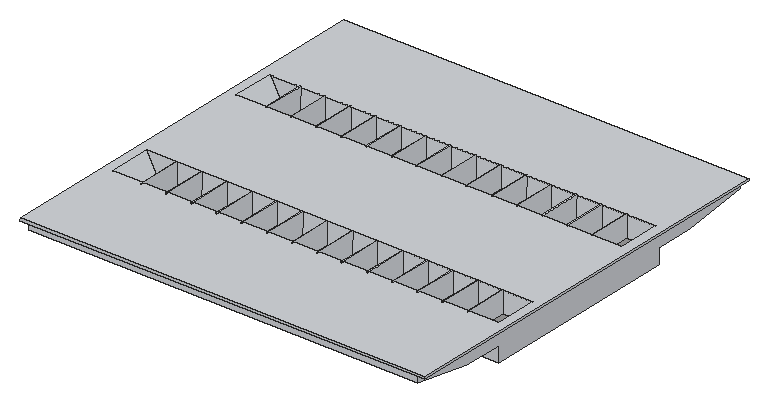
Revit family "0052582 Sylvania Lighting Fixture RANA NEO 3300LM REC 600x600 830 CC EM 2L WHITE", category Lighting Fixtures, host Face, Revit 2016
Family settings
  Host = Face
  Part Type = Normal
  Round Connector Dimension = Use Diameter
  OmniClass Number = 23.80.70.00
  OmniClass Title = Lighting
  Cut with Voids When Loaded = No
  Light Source = Yes
  Shared = No
  Room Calculation Point = No
Parameters (values of type "0052582 RANA NEO 3300LM R 600 830 CC EM 2L WHT")
  fin7 = 37 mm
  fin3 = 332 mm
  fin2 [instance] = 368 mm
  fin 6 = 110 mm
  fin 5 = 185 mm
  fin 4 = 258 mm
  fin 3 [instance] = 318 mm
  fin 2 = 407 mm
  fin 1 = 480 mm
  Width_SYL = if([600x600_SYL], 595 mm, if([625x625_SYL], 620 mm, if([1200_SYL], 296 mm, 306 mm)))  # 595 mm
  Weight = "n/a"
  Wattage Comments = ""
  Wattage = 28 W
  WarrantyStartDate [instance] = "n/a"
  WarrantyGuarantorParts = "n/a"
  WarrantyDurationUnit = "n/a"
  WarrantyDurationParts = ""
  WarrantyDescription = "http://www.sylvania-lighting.com"
  built-in parameter 1150110 = 1 (stored number, unit not read)
  Voltage = 0 V
  URL = "0.97"
  TypeName = "RANA NEO 3300LM REC 600x600 830 CC EM 2L WHITE"
  Type Image = <None>
  Type Comments = "n/a"
  built-in parameter 1114217 = 1 (stored number, unit not read)
  TopWidth_SYL = if([600x600_SYL], 295 mm, if([625x625_SYL], 295 mm, if([1200_SYL], 165 mm, 165 mm)))  # 295 mm
  Tilt Angle = -90.00°
  built-in parameter 1150109 = 1 (stored number, unit not read)
  built-in parameter 1150134 = (empty or 0)
  built-in parameter 1150113 = 1 (stored number, unit not read)
  SlopeTopWidth_SYL = if([600x600_SYL], 410 mm, if([625x625_SYL], 410 mm, if([1200_SYL], 168 mm, 168 mm)))  # 410 mm
  SlopeBottomWidth_SYL = if([600x600_SYL], 593 mm, if([625x625_SYL], 593 mm, if([1200_SYL], 244 mm, 244 mm)))  # 593 mm
  SlopeHeight_SYL = if([600x600_SYL], 17 mm, if([625x625_SYL], 17 mm, if([1200_SYL], 40 mm, 40 mm)))  # 17 mm
  SerialNumber [instance] = "n/a"
  ReflectorNumber_SYL = if([1Ref_SYL], 2, if([2Ref_SYL], 2, 3))  # 2
  ReflectorLength_SYL = Length_SYL - Inset_SYL * 2 - 5 mm  # 550 mm
  ReflectorInset_SYL = if([1Ref_SYL], 82.4 mm, if([2Ref_SYL], 30 mm, 30 mm))  # 30 mm
  Photometric Web File = "0052582.ies"
  Material_3_SYL = none
  PowerFactor = 0.95
  PowerConsumption = "Lighting"
  NominalLength = 595 mm
  NominalHeight = 60 mm
  NominalDepth = 595 mm
  Name = "RANA NEO 3300LM REC 600x600 830 CC EM 2L WHITE"
  ModelReference = Name  # "RANA NEO 3300LM REC 600x600 830 CC EM 2L WHITE"
  ModelNumber = "0052582"
  Model = Name  # "RANA NEO 3300LM REC 600x600 830 CC EM 2L WHITE"
  Material = "Feilo Sylvania"
  ManufacturerName = "104 lm/W"
  Manufacturer = ""
  LuminousEfficacy = ""
  built-in parameter 1150105 = 222.82 (stored number, unit not read)
  Lumens = 2800 lm
  LuminaireType = "0"
  built-in parameter 1150115 = 1 (stored number, unit not read)
  LouverNumber_SYL = if([600x600_SYL], 14, if([625x625_SYL], 14, if([1200_SYL], 28, 28)))  # 14
  LightOutputRatio = "LED"
  built-in parameter 1150137 = (empty or 0)
  built-in parameter 1150139 = (empty or 0)
  Length_SYL = if([600x600_SYL], 595 mm, if([625x625_SYL], 620 mm, if([1200_SYL], 1196 mm, 1246 mm)))  # 595 mm
  LampsType = Lamp  # "n/a"
  LampNominalLuminous = "3000 K"
  LampMacAdamStep = "80"
  LampColourTemperature = "LED"
  LampColourRenderingIndex = "16500"
  built-in parameter 1150112 = 1 (stored number, unit not read)
  built-in parameter 1150114 = 1 (stored number, unit not read)
  Lamp = "n/a"
  LED position [instance] = 410 mm
  LED inside width = 165 mm
  LED inner void = 521.5 mm
  LED Width = 290 mm
  LED Length = 568 mm
  Keynote = "n/a"
  InstallationDate [instance] = "n/a"
  Inset_SYL = 20 mm  # constant formula
  InputVoltage = "0"
  InputNominalFrequency = "3000"
  built-in parameter 1150132 = (empty or 0)
  built-in parameter 1150102 = (empty or 0)
  built-in parameter 1150107 = 3000 (stored number, unit not read)
  built-in parameter 1150138 = (empty or 0)
  IngressProtection = "IfcLightFixtureType"
  ImpactProtectionIndex = "IfcLightFixtureType"
  built-in parameter 1150106 = 2.2282 (stored number, unit not read)
  IfcExportType = "IfcLightFixtureType"
  IfcExportAs = "Class I"
  Height = 52 mm
  Emit from Rectangle Width = if([1Ref_SYL], 48 mm, TopWidth_SYL - 13 mm)  # 282 mm
  Emit from Rectangle Length = ReflectorLength_SYL - 8 mm  # 542 mm
  Emit Shape Visible in Rendering = no
  ElectricShockClassification = "104"
  built-in parameter 1150104 = 9.2903 (stored number, unit not read)
  DocumentationLiterature = "http://www.sylvania-lighting.com/product/en-int/products/0052582"
  DimmingControlOptions = "n/a"
  Material_2_SYL = none
  Dimming Lamp Color Temperature Shift = <None>
  Description = "-"
  Default Elevation = 1219.2 mm
  CreatedOn = "25/11/2019"
  CreatedBy = "@sylvania-lighting.com"
  Cost = 0
  Color Filter = 16777215
  built-in parameter 1114216 [instance] = (empty or 0)
  ClassificationValue = "EF_70_80"
  ClassificationName = "Uniclass2015"
  Material_1_SYL = none
  BarCode [instance] = "n/a"
  built-in parameter 1114218 = 1 (stored number, unit not read)
  built-in parameter 1150133 = 10 (stored number, unit not read)
  AssetType = "Fixed"
  AssetIdentifier [instance] = "n/a"
  Assembly Code = "D5020200"
  Apparent Load = 32 VA
  Material_4_SYL = none
  625x625_SYL = no
  600x600_SYL = yes
  2Ref_SYL = yes
  1Ref_SYL = no
  1200_SYL = no
Reference planes
  plane 1 "Center (Front/Back)": y = 0
  plane 2: z = 0
  plane 3 "Center (Left/Right)": x = 0
  plane 4: x = 297.5
  plane 5: x = -297.5
  plane 6: y = 297.5
  plane 7: y = -297.5
  plane 8: z = -120
  plane 9: z = -3
  plane 10: z = -12
  plane 11: z = -29
  plane 12: z = -52
  plane 13: y = -296.5
  plane 14: y = 296.5
  plane 15: y = 145
  plane 16: y = -145
  plane 17: y = 82.5
  plane 18: y = -82.5
  plane 19: x = -284
  plane 20: x = 284
  plane 21: y = 141
  plane 22: y = 86.5
  plane 23: x = -264
  plane 24: x = 257.5
  plane 25: x = -286
  plane 26: x = 286
  plane 27: y = -86.5
  plane 28: y = -141
  plane 29: x = 18.5
  plane 30: x = -18.5
  plane 31: x = 55
  plane 32: x = -55
  plane 33: x = 92.5
  plane 34: x = -92.5
  plane 35: x = 129
  plane 36: x = -129
  plane 37: x = 166
  plane 38: x = -166
  plane 39: x = -203.5
  plane 40: x = 203.5
  plane 41: x = -240
  plane 42: x = 240
  plane 43: x = 169.5
  plane 44: x = 162.5
  plane 45: x = 166.5
  plane 46: x = 165.5
Forms (mm)
  Extrusion 1, void
    sketch origin (0, 0, 0) x (1, 0, 0) y (0, 1, 0)
      loop
        line (-297.5, 297.5) -> (-297.5, -297.5) -> (297.5, -297.5) -> (297.5, 297.5) -> (-297.5, 297.5)
    from -120 to 0
  Extrusion 2, solid, detail levels medium+fine
    sketch origin (0, 0, 0) x (0, 1, 0) y (0, 0, 1)
      loop
        line (-296.5, 0) -> (-296.5, -12) -> (-205, -29) -> (-147.5, -29) -> (-147.5, -52) -> (147.5, -52) -> (147.5, -29) -> (205, -29) -> (296.5, -17.514) -> (296.5, 0) -> (-296.5, 0)
    from -286 to 286
  Extrusion 3, solid, detail levels medium+fine
    sketch origin (275, 1524, 1219.2) x (0, 1, 0) y (0, 0, 1)
      loop
        line (-1226.5, -1222.2) -> (-1226.5, -1219.2) -> (-1820.5, -1219.2) -> (-1820.5, -1222.2) -> (-1226.5, -1222.2)
    from 11 to 22.5
  Extrusion 4, solid, detail levels medium+fine
    sketch origin (-275, 1524, 1219.2) x (0, 1, 0) y (0, 0, 1)
      loop
        line (-1820.5, -1222.2) -> (-1227.5, -1222.2) -> (-1227.5, -1219.2) -> (-1820.5, -1219.2) -> (-1820.5, -1222.2)
    from -11 to -22.5
  Extrusion 5, solid, detail levels medium+fine
    sketch origin (0, 0, 0) x (0, 1, 0) y (0, 0, 1)
      loop
        line (-297.5, 0) -> (-297.5, -3) -> (-296.5, -3) -> (-296.5, 0) -> (-297.5, 0)
      loop
        line (297.5, -3) -> (297.5, 0) -> (296.5, 0) -> (296.5, -3) -> (297.5, -3)
    from -297.5 to 297.5
  Blend 6, void
    base sketch origin (0, 0, 0) x (1, 0, 0) y (0, 1, 0)
      loop
        line (-284, 145) -> (-284, 82.5) -> (284, 82.5) -> (284, 145) -> (-284, 145)
    top sketch origin (0, 0, 0) x (1, 0, 0) y (0, 1, 0)
      loop
        line (-264, 141) -> (-264, 86.5) -> (257.5, 86.5) -> (257.5, 141) -> (-264, 141)
    from 0 to -29
  Blend 7, void
    base sketch origin (0, 0, 0) x (1, 0, 0) y (0, 1, 0)
      loop
        line (-284, -82.5) -> (-284, -145) -> (284, -145) -> (284, -82.5) -> (-284, -82.5)
    top sketch origin (0, 0, 0) x (1, 0, 0) y (0, 1, 0)
      loop
        line (257.5, -86.5) -> (-264, -86.5) -> (-264, -141) -> (257.5, -141) -> (257.5, -86.5)
    from 0 to -29
  Extrusion 8, solid, detail levels fine
    sketch origin (0, 0, 0) x (1, 0, 0) y (0, 0, 1)
      loop
        line (162.5, -29) -> (169.5, -29) -> (166.5, 0) -> (165.5, 0) -> (162.5, -29)
    from -145 to -82.5
  Extrusion 9, solid, detail levels fine
    sketch origin (37.5, 0, 0) x (1, 0, 0) y (0, 0, 1)
      loop
        line (162.5, -29) -> (169.5, -29) -> (166.5, 0) -> (165.5, 0) -> (162.5, -29)
    from -145 to -82.5
  Extrusion 10, solid, detail levels fine
    sketch origin (74, 0, 0) x (1, 0, 0) y (0, 0, 1)
      loop
        line (162.5, -29) -> (169.5, -29) -> (166.5, 0) -> (165.5, 0) -> (162.5, -29)
    from -145 to -82.5
  Extrusion 11, solid, detail levels fine
    sketch origin (-37, 0, 0) x (1, 0, 0) y (0, 0, 1)
      loop
        line (162.5, -29) -> (169.5, -29) -> (166.5, 0) -> (165.5, 0) -> (162.5, -29)
    from -145 to -82.5
  Extrusion 12, solid, detail levels fine
    sketch origin (-73.5, 0, 0) x (1, 0, 0) y (0, 0, 1)
      loop
        line (162.5, -29) -> (169.5, -29) -> (166.5, 0) -> (165.5, 0) -> (162.5, -29)
    from -145 to -82.5
  Extrusion 13, solid, detail levels fine
    sketch origin (-111, 0, 0) x (1, 0, 0) y (0, 0, 1)
      loop
        line (162.5, -29) -> (169.5, -29) -> (166.5, 0) -> (165.5, 0) -> (162.5, -29)
    from -145 to -82.5
  Extrusion 14, solid, detail levels fine
    sketch origin (-147.5, 0, 0) x (1, 0, 0) y (0, 0, 1)
      loop
        line (162.5, -29) -> (169.5, -29) -> (166.5, 0) -> (165.5, 0) -> (162.5, -29)
    from -145 to -82.5
  Extrusion 15, solid, detail levels fine
    sketch origin (-184.5, 0, 0) x (1, 0, 0) y (0, 0, 1)
      loop
        line (162.5, -29) -> (169.5, -29) -> (166.5, 0) -> (165.5, 0) -> (162.5, -29)
    from -145 to -82.5
  Extrusion 16, solid, detail levels fine
    sketch origin (-221, 0, 0) x (1, 0, 0) y (0, 0, 1)
      loop
        line (162.5, -29) -> (169.5, -29) -> (166.5, 0) -> (165.5, 0) -> (162.5, -29)
    from -145 to -82.5
  Extrusion 17, solid, detail levels fine
    sketch origin (-258.5, 0, 0) x (1, 0, 0) y (0, 0, 1)
      loop
        line (162.5, -29) -> (169.5, -29) -> (166.5, 0) -> (165.5, 0) -> (162.5, -29)
    from -145 to -82.5
  Extrusion 18, solid, detail levels fine
    sketch origin (-295, 0, 0) x (1, 0, 0) y (0, 0, 1)
      loop
        line (162.5, -29) -> (169.5, -29) -> (166.5, 0) -> (165.5, 0) -> (162.5, -29)
    from -145 to -82.5
  Extrusion 19, solid, detail levels fine
    sketch origin (-332, 0, 0) x (1, 0, 0) y (0, 0, 1)
      loop
        line (162.5, -29) -> (169.5, -29) -> (166.5, 0) -> (165.5, 0) -> (162.5, -29)
    from -145 to -82.5
  Extrusion 20, solid, detail levels fine
    sketch origin (-369.5, 0, 0) x (1, 0, 0) y (0, 0, 1)
      loop
        line (162.5, -29) -> (169.5, -29) -> (166.5, 0) -> (165.5, 0) -> (162.5, -29)
    from -145 to -82.5
  Extrusion 21, solid, detail levels fine
    sketch origin (-406, 0, 0) x (1, 0, 0) y (0, 0, 1)
      loop
        line (162.5, -29) -> (169.5, -29) -> (166.5, 0) -> (165.5, 0) -> (162.5, -29)
    from -145 to -82.5
  Extrusion 22, solid, detail levels fine
    sketch origin (-406.072, 0, -0.017) x (1, 0, 0) y (0, 0, 1)
      loop
        line (162.5, -29) -> (169.5, -29) -> (166.5, 0) -> (165.5, 0) -> (162.5, -29)
    from 82.5 to 147.5
  Extrusion 23, solid, detail levels fine
    sketch origin (-369.572, 0, -0.017) x (1, 0, 0) y (0, 0, 1)
      loop
        line (162.5, -29) -> (169.5, -29) -> (166.5, 0) -> (165.5, 0) -> (162.5, -29)
    from 82.5 to 147.5
  Extrusion 24, solid, detail levels fine
    sketch origin (-331.998, 0, -0.017) x (1, 0, 0) y (0, 0, 1)
      loop
        line (162.5, -29) -> (169.5, -29) -> (166.5, 0) -> (165.5, 0) -> (162.5, -29)
    from 82.5 to 147.5
  Extrusion 25, solid, detail levels fine
    sketch origin (-294.998, 0, -0.017) x (1, 0, 0) y (0, 0, 1)
      loop
        line (162.5, -29) -> (169.5, -29) -> (166.5, 0) -> (165.5, 0) -> (162.5, -29)
    from 82.5 to 147.5
  Extrusion 26, solid, detail levels fine
    sketch origin (-258.498, 0, -0.017) x (1, 0, 0) y (0, 0, 1)
      loop
        line (162.5, -29) -> (169.5, -29) -> (166.5, 0) -> (165.5, 0) -> (162.5, -29)
    from 82.5 to 147.5
  Extrusion 27, solid, detail levels fine
    sketch origin (-221, 0, -0.017) x (1, 0, 0) y (0, 0, 1)
      loop
        line (162.5, -29) -> (169.5, -29) -> (166.5, 0) -> (165.5, 0) -> (162.5, -29)
    from 82.5 to 147.5
  Extrusion 28, solid, detail levels fine
    sketch origin (-184.5, 0, -0.017) x (1, 0, 0) y (0, 0, 1)
      loop
        line (162.5, -29) -> (169.5, -29) -> (166.5, 0) -> (165.5, 0) -> (162.5, -29)
    from 82.5 to 147.5
  Extrusion 29, solid, detail levels fine
    sketch origin (-147.5, 0, -0.017) x (1, 0, 0) y (0, 0, 1)
      loop
        line (162.5, -29) -> (169.5, -29) -> (166.5, 0) -> (165.5, 0) -> (162.5, -29)
    from 82.5 to 147.5
  Extrusion 30, solid, detail levels fine
    sketch origin (-111, 0, -0.017) x (1, 0, 0) y (0, 0, 1)
      loop
        line (162.5, -29) -> (169.5, -29) -> (166.5, 0) -> (165.5, 0) -> (162.5, -29)
    from 82.5 to 147.5
  Extrusion 31, solid, detail levels fine
    sketch origin (-73.5, 0, -0.017) x (1, 0, 0) y (0, 0, 1)
      loop
        line (162.5, -29) -> (169.5, -29) -> (166.5, 0) -> (165.5, 0) -> (162.5, -29)
    from 82.5 to 147.5
  Extrusion 32, solid, detail levels fine
    sketch origin (-37, 0, -0.017) x (1, 0, 0) y (0, 0, 1)
      loop
        line (162.5, -29) -> (169.5, -29) -> (166.5, 0) -> (165.5, 0) -> (162.5, -29)
    from 82.5 to 147.5
  Extrusion 33, solid, detail levels fine
    sketch origin (0, 0, -0.017) x (1, 0, 0) y (0, 0, 1)
      loop
        line (162.5, -29) -> (169.5, -29) -> (166.5, 0) -> (165.5, 0) -> (162.5, -29)
    from 82.5 to 147.5
  Extrusion 34, solid, detail levels fine
    sketch origin (37.5, 0, -0.017) x (1, 0, 0) y (0, 0, 1)
      loop
        line (162.5, -29) -> (169.5, -29) -> (166.5, 0) -> (165.5, 0) -> (162.5, -29)
    from 82.5 to 147.5
  Extrusion 35, solid, detail levels fine
    sketch origin (74, 0, -0.017) x (1, 0, 0) y (0, 0, 1)
      loop
        line (162.5, -29) -> (169.5, -29) -> (166.5, 0) -> (165.5, 0) -> (162.5, -29)
    from 82.5 to 147.5
  Extrusion 36, solid, material "Glass, White, High Luminance", detail levels fine
    sketch origin (0, 0, 0) x (1, 0, 0) y (0, 1, 0)
      loop
        line (-264, 141) -> (-264, 86.5) -> (257.5, 86.5) -> (257.5, 141) -> (-264, 141)
    from -29 to -28
  Extrusion 37, solid, material "Glass, White, High Luminance", detail levels fine
    sketch origin (0, 0, 0) x (1, 0, 0) y (0, 1, 0)
      loop
        line (-264, -86.5) -> (-264, -141) -> (257.5, -141) -> (257.5, -86.5) -> (-264, -86.5)
    from -29 to -28
  Extrusion 38, solid, detail levels coarse
    sketch origin (0, 0, 0) x (1, 0, 0) y (0, 1, 0)
      loop
        line (-297.5, 297.5) -> (-297.5, -297.5) -> (297.5, -297.5) -> (297.5, 297.5) -> (-297.5, 297.5)
    from -52 to 0
Cuts and joins
  Blend 6, Blend 7 cuts Extrusion 2
  Blend 6, Blend 7 cuts Extrusion 3
  Blend 6, Blend 7 cuts Extrusion 4
  Blend 6, Blend 7 cuts Extrusion 5
  joined: Extrusion 2, Extrusion 3, Extrusion 4, Extrusion 5
Dimensions and locks
  "Length_SYL": plane 5 to plane 4
  locked: plane 2 to plane 8 at 120
  locked: plane 2 to plane 9 at 3
  locked: plane 2 to plane 10 at 12
  "SlopeHeight_SYL": plane 11 to plane 10
  "Height": plane 2 to plane 12
  equal spacing: plane 13, plane 1 "Center (Front/Back)", plane 14
  "SlopeBottomWidth_SYL": plane 13 to plane 14
  "LED Width": plane 15 to plane 16
  equal spacing: plane 15, plane 1 "Center (Front/Back)", plane 16
  "LED inside width": plane 17 to plane 18
  equal spacing: plane 17, plane 1 "Center (Front/Back)", plane 18
  "LED Length": plane 19 to plane 20
  equal spacing: plane 19, plane 3 "Center (Left/Right)", plane 20
  "LED inner void": plane 23 to plane 24
  "fin7": plane 29 to plane 30
  equal spacing: plane 29, plane 3 "Center (Left/Right)", plane 30
  "fin 6": plane 31 to plane 32
  equal spacing: plane 31, plane 3 "Center (Left/Right)", plane 32
  "fin 5": plane 33 to plane 34
  equal spacing: plane 33, plane 3 "Center (Left/Right)", plane 34
  "fin 4": plane 35 to plane 36
  equal spacing: plane 35, plane 3 "Center (Left/Right)", plane 36
  "fin 2": plane 40 to plane 39
  equal spacing: plane 40, plane 3 "Center (Left/Right)", plane 39
  "fin3": plane 37 to plane 38
  equal spacing: plane 37, plane 3 "Center (Left/Right)", plane 38
  "fin 1": plane 42 to plane 41
  equal spacing: plane 42, plane 3 "Center (Left/Right)", plane 41
  aligned and locked: plane 2 to host face
  aligned and locked: level to host face
  aligned and locked: plane 6 to Extrusion 1 sketch curve
  aligned and locked: plane 5 to Extrusion 1 sketch curve
  aligned and locked: Extrusion 1 sketch curve to plane 7
  aligned and locked: Extrusion 1 sketch curve to plane 4
  aligned and locked: level to Extrusion 1
  aligned and locked: plane 8 to Extrusion 1
  aligned and locked: plane 2 to Extrusion 1
  aligned and locked: plane 10 to Extrusion 2 sketch curve
  aligned and locked: plane 12 to Extrusion 2 sketch curve
  aligned and locked: plane 11 to Extrusion 2 sketch curve  (x2)
  aligned and locked: Extrusion 2 sketch curve to level
  aligned and locked: Extrusion 3 sketch curve to Extrusion 2
  aligned and locked: plane 6 to Extrusion 3 sketch curve
  aligned and locked: plane 4 to Extrusion 3
  aligned and locked: cut or joined group of Extrusion 2, Extrusion 3, Extrusion 4, Extrusion 5, Blend 6, Blend 7 to Extrusion 4 sketch curve  (x3)
  aligned and locked: Extrusion 4 sketch curve to cut or joined group of Extrusion 2, Extrusion 3, Extrusion 4, Extrusion 5, Blend 6, Blend 7
  aligned and locked: Extrusion 4 to plane 5
  aligned and locked: Extrusion 3 to Extrusion 2
  aligned and locked: Extrusion 4 to Extrusion 2
  aligned and locked: plane 14 to Extrusion 2 sketch curve
  aligned and locked: plane 13 to Extrusion 2 sketch curve
  aligned and locked: Extrusion 5 sketch curve to level  (x2)
  aligned and locked: Extrusion 5 sketch curve to plane 7
  aligned and locked: Extrusion 5 sketch curve to cut or joined group of Extrusion 2, Extrusion 3, Extrusion 4, Extrusion 5, Blend 6, Blend 7  (x4)
  aligned and locked: cut or joined group of Extrusion 2, Extrusion 3, Extrusion 4, Extrusion 5, Blend 6, Blend 7 to Extrusion 5 sketch curve
  aligned and locked: Extrusion 5 to plane 5
  aligned and locked: plane 4 to Extrusion 5
Automatic sketch dimensions
  host sketch curve to host sketch curve = 1219.2 mm
  host sketch curve to host sketch curve = 1211.616 mm
  Extrusion 2 sketch curve to plane 16 = 60 mm
  Extrusion 2 sketch curve to plane 16 = 2.5 mm
  plane 15 to Extrusion 2 sketch curve = 2.5 mm
  Extrusion 2 sketch curve to Extrusion 2 sketch curve = 57.5 mm
  plane 10 to Extrusion 2 sketch curve = 5.514 mm
  plane 9 to Extrusion 3 sketch curve = 0 mm
  Extrusion 3 sketch curve to plane 13 = 0 mm
  Blend 6 sketch curve to plane 17 = 0 mm
  Blend 6 sketch curve to plane 19 = 0 mm
  Blend 6 sketch curve to plane 20 = 0 mm
  Blend 6 sketch curve to plane 15 = 0 mm
  Blend 6 sketch curve to plane 22 = 0 mm
  Blend 6 sketch curve to plane 23 = 0 mm
  Blend 6 sketch curve to plane 24 = 0 mm
  Blend 6 sketch curve to plane 21 = 0 mm
  Blend 7 sketch curve to plane 16 = 0 mm
  Blend 7 sketch curve to plane 19 = 0 mm
  Blend 7 sketch curve to plane 20 = 0 mm
  Blend 7 sketch curve to plane 18 = 0 mm
  Blend 7 sketch curve to plane 23 = 0 mm
  Blend 7 sketch curve to plane 24 = 0 mm
  Blend 7 sketch curve to plane 28 = 0 mm
  Blend 7 sketch curve to plane 27 = 0 mm
  Extrusion 8 sketch curve to plane 11 = 0 mm
  Extrusion 8 sketch curve to plane 44 = 0 mm
  Extrusion 8 sketch curve to level = 0 mm
  Extrusion 8 sketch curve to plane 46 = 0 mm
  Extrusion 8 sketch curve to plane 45 = 0 mm
  Extrusion 8 sketch curve to plane 43 = 0 mm
  Extrusion 9 sketch curve to plane 11 = 0 mm
  Extrusion 9 sketch curve to level = 0 mm
  Extrusion 9 sketch curve to plane 40 = 3.5 mm
  Extrusion 9 sketch curve to plane 40 = 0.5 mm
  plane 40 to Extrusion 9 sketch curve = 0.5 mm
  plane 40 to Extrusion 9 sketch curve = 3.5 mm
  Extrusion 10 sketch curve to plane 11 = 0 mm
  Extrusion 10 sketch curve to level = 0 mm
  Extrusion 10 sketch curve to plane 42 = 3.5 mm
  Extrusion 10 sketch curve to plane 42 = 0.5 mm
  plane 42 to Extrusion 10 sketch curve = 0.5 mm
  plane 42 to Extrusion 10 sketch curve = 3.5 mm
  Extrusion 11 sketch curve to plane 11 = 0 mm
  Extrusion 11 sketch curve to level = 0 mm
  Extrusion 11 sketch curve to plane 35 = 3.5 mm
  Extrusion 11 sketch curve to plane 35 = 0.5 mm
  plane 35 to Extrusion 11 sketch curve = 0.5 mm
  plane 35 to Extrusion 11 sketch curve = 3.5 mm
  Extrusion 12 sketch curve to plane 11 = 0 mm
  Extrusion 12 sketch curve to level = 0 mm
  Extrusion 12 sketch curve to plane 33 = 3.5 mm
  Extrusion 12 sketch curve to plane 33 = 0.5 mm
  plane 33 to Extrusion 12 sketch curve = 0.5 mm
  plane 33 to Extrusion 12 sketch curve = 3.5 mm
  Extrusion 13 sketch curve to plane 11 = 0 mm
  Extrusion 13 sketch curve to level = 0 mm
  Extrusion 13 sketch curve to plane 31 = 3.5 mm
  Extrusion 13 sketch curve to plane 31 = 0.5 mm
  plane 31 to Extrusion 13 sketch curve = 0.5 mm
  plane 31 to Extrusion 13 sketch curve = 3.5 mm
  Extrusion 14 sketch curve to plane 11 = 0 mm
  Extrusion 14 sketch curve to level = 0 mm
  Extrusion 14 sketch curve to plane 29 = 3.5 mm
  Extrusion 14 sketch curve to plane 29 = 0.5 mm
  plane 29 to Extrusion 14 sketch curve = 0.5 mm
  plane 29 to Extrusion 14 sketch curve = 3.5 mm
  Extrusion 15 sketch curve to plane 11 = 0 mm
  Extrusion 15 sketch curve to level = 0 mm
  Extrusion 15 sketch curve to plane 30 = 3.5 mm
  Extrusion 15 sketch curve to plane 30 = 0.5 mm
  plane 30 to Extrusion 15 sketch curve = 0.5 mm
  plane 30 to Extrusion 15 sketch curve = 3.5 mm
  Extrusion 16 sketch curve to plane 11 = 0 mm
  Extrusion 16 sketch curve to level = 0 mm
  Extrusion 16 sketch curve to plane 32 = 3.5 mm
  Extrusion 16 sketch curve to plane 32 = 0.5 mm
  plane 32 to Extrusion 16 sketch curve = 0.5 mm
  plane 32 to Extrusion 16 sketch curve = 3.5 mm
  Extrusion 17 sketch curve to plane 11 = 0 mm
  Extrusion 17 sketch curve to level = 0 mm
  Extrusion 17 sketch curve to plane 34 = 3.5 mm
  Extrusion 17 sketch curve to plane 34 = 0.5 mm
  plane 34 to Extrusion 17 sketch curve = 0.5 mm
  plane 34 to Extrusion 17 sketch curve = 3.5 mm
  Extrusion 18 sketch curve to plane 11 = 0 mm
  Extrusion 18 sketch curve to level = 0 mm
  Extrusion 18 sketch curve to plane 36 = 3.5 mm
  Extrusion 18 sketch curve to plane 36 = 0.5 mm
  plane 36 to Extrusion 18 sketch curve = 0.5 mm
  plane 36 to Extrusion 18 sketch curve = 3.5 mm
  Extrusion 19 sketch curve to plane 11 = 0 mm
  Extrusion 19 sketch curve to level = 0 mm
  Extrusion 19 sketch curve to plane 38 = 3.5 mm
  Extrusion 19 sketch curve to plane 38 = 0.5 mm
  plane 38 to Extrusion 19 sketch curve = 0.5 mm
  plane 38 to Extrusion 19 sketch curve = 3.5 mm
  Extrusion 20 sketch curve to plane 11 = 0 mm
  Extrusion 20 sketch curve to level = 0 mm
  Extrusion 20 sketch curve to plane 39 = 3.5 mm
  Extrusion 20 sketch curve to plane 39 = 0.5 mm
  plane 39 to Extrusion 20 sketch curve = 0.5 mm
  plane 39 to Extrusion 20 sketch curve = 3.5 mm
  Extrusion 21 sketch curve to plane 11 = 0 mm
  Extrusion 21 sketch curve to level = 0 mm
  Extrusion 21 sketch curve to plane 41 = 3.5 mm
  Extrusion 21 sketch curve to plane 41 = 0.5 mm
  plane 41 to Extrusion 21 sketch curve = 0.5 mm
  plane 41 to Extrusion 21 sketch curve = 3.5 mm
  plane 11 to Extrusion 22 sketch curve = 0.017 mm
  Extrusion 22 sketch curve to plane 41 = 3.572 mm
  Extrusion 22 sketch curve to level = 0.017 mm
  Extrusion 22 sketch curve to plane 41 = 0.572 mm
  plane 41 to Extrusion 22 sketch curve = 0.428 mm
  plane 41 to Extrusion 22 sketch curve = 3.428 mm
  plane 11 to Extrusion 23 sketch curve = 0.017 mm
  Extrusion 23 sketch curve to plane 39 = 3.572 mm
  Extrusion 23 sketch curve to level = 0.017 mm
  Extrusion 23 sketch curve to plane 39 = 0.572 mm
  plane 39 to Extrusion 23 sketch curve = 0.428 mm
  plane 39 to Extrusion 23 sketch curve = 3.428 mm
  plane 11 to Extrusion 24 sketch curve = 0.017 mm
  Extrusion 24 sketch curve to plane 38 = 3.498 mm
  Extrusion 24 sketch curve to level = 0.017 mm
  Extrusion 24 sketch curve to plane 38 = 0.498 mm
  plane 38 to Extrusion 24 sketch curve = 0.502 mm
  plane 38 to Extrusion 24 sketch curve = 3.502 mm
  plane 11 to Extrusion 25 sketch curve = 0.017 mm
  Extrusion 25 sketch curve to plane 36 = 3.498 mm
  Extrusion 25 sketch curve to level = 0.017 mm
  Extrusion 25 sketch curve to plane 36 = 0.498 mm
  plane 36 to Extrusion 25 sketch curve = 0.502 mm
  plane 36 to Extrusion 25 sketch curve = 3.502 mm
  plane 11 to Extrusion 26 sketch curve = 0.017 mm
  Extrusion 26 sketch curve to plane 34 = 3.498 mm
  Extrusion 26 sketch curve to level = 0.017 mm
  Extrusion 26 sketch curve to plane 34 = 0.498 mm
  plane 34 to Extrusion 26 sketch curve = 0.502 mm
  plane 34 to Extrusion 26 sketch curve = 3.502 mm
  plane 11 to Extrusion 27 sketch curve = 0.017 mm
  Extrusion 27 sketch curve to plane 32 = 3.5 mm
  Extrusion 27 sketch curve to level = 0.017 mm
  Extrusion 27 sketch curve to plane 32 = 0.5 mm
  plane 32 to Extrusion 27 sketch curve = 0.5 mm
  plane 32 to Extrusion 27 sketch curve = 3.5 mm
  plane 11 to Extrusion 28 sketch curve = 0.017 mm
  Extrusion 28 sketch curve to plane 30 = 3.5 mm
  Extrusion 28 sketch curve to level = 0.017 mm
  Extrusion 28 sketch curve to plane 30 = 0.5 mm
  plane 30 to Extrusion 28 sketch curve = 0.5 mm
  plane 30 to Extrusion 28 sketch curve = 3.5 mm
  plane 11 to Extrusion 29 sketch curve = 0.017 mm
  Extrusion 29 sketch curve to plane 29 = 3.5 mm
  Extrusion 29 sketch curve to level = 0.017 mm
  Extrusion 29 sketch curve to plane 29 = 0.5 mm
  plane 29 to Extrusion 29 sketch curve = 0.5 mm
  plane 29 to Extrusion 29 sketch curve = 3.5 mm
  plane 11 to Extrusion 30 sketch curve = 0.017 mm
  Extrusion 30 sketch curve to plane 31 = 3.5 mm
  Extrusion 30 sketch curve to level = 0.017 mm
  Extrusion 30 sketch curve to plane 31 = 0.5 mm
  plane 31 to Extrusion 30 sketch curve = 0.5 mm
  plane 31 to Extrusion 30 sketch curve = 3.5 mm
  plane 11 to Extrusion 31 sketch curve = 0.017 mm
  Extrusion 31 sketch curve to plane 33 = 3.5 mm
  Extrusion 31 sketch curve to level = 0.017 mm
  Extrusion 31 sketch curve to plane 33 = 0.5 mm
  plane 33 to Extrusion 31 sketch curve = 0.5 mm
  plane 33 to Extrusion 31 sketch curve = 3.5 mm
  plane 11 to Extrusion 32 sketch curve = 0.017 mm
  Extrusion 32 sketch curve to plane 35 = 3.5 mm
  Extrusion 32 sketch curve to level = 0.017 mm
  Extrusion 32 sketch curve to plane 35 = 0.5 mm
  plane 35 to Extrusion 32 sketch curve = 0.5 mm
  plane 35 to Extrusion 32 sketch curve = 3.5 mm
  Extrusion 33 sketch curve to plane 44 = 0 mm
  Extrusion 33 sketch curve to plane 46 = 0 mm
  Extrusion 33 sketch curve to plane 45 = 0 mm
  Extrusion 33 sketch curve to plane 43 = 0 mm
  plane 11 to Extrusion 33 sketch curve = 0.017 mm
  Extrusion 33 sketch curve to level = 0.017 mm
  plane 11 to Extrusion 34 sketch curve = 0.017 mm
  Extrusion 34 sketch curve to plane 40 = 3.5 mm
  Extrusion 34 sketch curve to level = 0.017 mm
  Extrusion 34 sketch curve to plane 40 = 0.5 mm
  plane 40 to Extrusion 34 sketch curve = 0.5 mm
  plane 40 to Extrusion 34 sketch curve = 3.5 mm
  plane 11 to Extrusion 35 sketch curve = 0.017 mm
  Extrusion 35 sketch curve to plane 42 = 3.5 mm
  Extrusion 35 sketch curve to level = 0.017 mm
  Extrusion 35 sketch curve to plane 42 = 0.5 mm
  plane 42 to Extrusion 35 sketch curve = 0.5 mm
  plane 42 to Extrusion 35 sketch curve = 3.5 mm
  Extrusion 36 sketch curve to plane 22 = 0 mm
  Extrusion 36 sketch curve to plane 23 = 0 mm
  Extrusion 36 sketch curve to plane 24 = 0 mm
  Extrusion 36 sketch curve to plane 21 = 0 mm
  Extrusion 37 sketch curve to plane 23 = 0 mm
  Extrusion 37 sketch curve to plane 24 = 0 mm
  Extrusion 37 sketch curve to plane 28 = 0 mm
  Extrusion 37 sketch curve to plane 27 = 0 mm
  Extrusion 38 sketch curve to plane 5 = 0 mm
  Extrusion 38 sketch curve to plane 4 = 0 mm
  plane 7 to Extrusion 38 sketch curve = 0 mm
  plane 6 to Extrusion 38 sketch curve = 0 mm
Connectors
  electrical at (0, 0, -52), driven by "Voltage", driven by "Apparent Load", driven by "PowerFactor"
    settings: on cut or joined group of Extrusion 2, Extrusion 3, Extrusion 4, Extrusion 5, Blend 6, Blend 7, index 1, voltage 0 V, apparent load 32 VA, apparent load phase1 0 VA, apparent load phase2 0 VA, apparent load phase3 0 VA, power factor 0.95, load classification "Lighting", number of poles 1, system type 30, power factor state 1, is connector primary yes, connector utility no, sub classification motor no, connector description ""
